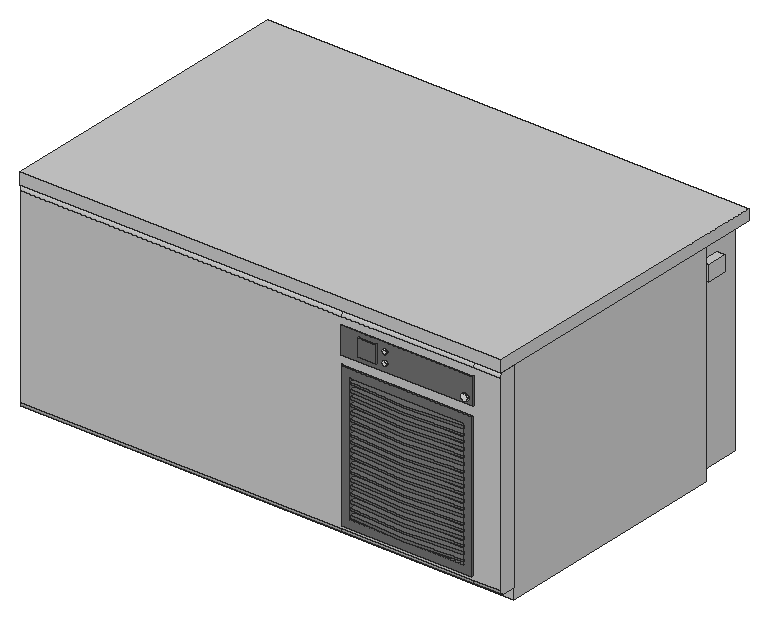
Revit family "QF_HOSHIZAKI_IM-240DWNE", category Specialty Equipment, Revit 2016
Family settings
  Part Type = Normal
  Round Connector Dimension = Use Diameter
  OmniClass Number = 23.40.40.14
  OmniClass Title = Food Service Equipment
  Work Plane-Based = No
  Always vertical = Yes
  Cut with Voids When Loaded = No
  Shared = No
  Room Calculation Point = No
Parameters (values of type "IM-240DWNE_230V/1Ph/50Hz")
  Weight = 88.00 kg
  Waste Remarks [instance] = ""
  Volts = 230 V
  URL Cutsheet = ""
  URL = "www.hoshizaki-europe.com"
  Status [instance] = ""
  Specification by User [instance] = ""
  Specification by Manufacturer [instance] = ""
  Serial Number = ""
  Seismic Rating = ""
  SMACNA No = ""
  Revision Code [instance] = ""
  Phase = 1
  Number of Poles = 2
  NAFEM Spec ID Number = ""
  Model = "IM-240DWNE"
  Min Ckt Ampacity = 0 A
  Max Overcurrent Protection = 0 A
  Masterspec = ""
  Manufacturer = "HOSHIZAKI"
  Length Actual = 1084 mm
  Item Number [instance] = ""
  Installed By [instance] = ""
  Indirect Waste Size = 19.05 mm
  Indirect Waste Connection Type [instance] = ""
  Indirect Waste Connection Height [instance] = 53 mm
  Identify Quantity as Lot [instance] = no
  Height Actual = 500 mm
  HP power = ""
  Furnished By [instance] = ""
  Foodservice Equipment Identifier [instance] = yes
  FL Amps = 20 A
  Electric power = 1330 W
  Electric Connection Type [instance] = ""
  Elec Conn RI Height [instance] = 0 mm
  Elec Conn Connection Height [instance] = 409 mm
  Direct Waste RI Height [instance] = 0 mm
  Description = "MODULAR IM ICE MAKER, 240KG PER 24 HOURS, LARGE CUBE, MODULAR - HORIZONTAL, WATER COOLED"
  Depth Actual = 700 mm
  Cycle = 50 Hz
  Cost = 0
  Conn Plug = ""
  Conn Conduit = no
  Cold Water Temperature Recommended = 0 °C
  Cold Water Size = 19.05 mm
  Cold Water Flow = 0.0 L/s
  Cold Water Connection Height [instance] = 419 mm
  CSI MasterFormat = ""
  Assembly Code = "E1090320"
  Apparent Power = 1330 VA
  Accessory = no
Types (2, lengths in mm): name | Volts | Cycle
  IM-240DWNE_230V/1Ph/50Hz | 230 V | 50 Hz
  IM-240DWNE_240V/1Ph/60Hz | 240 V | 60 Hz
Reference planes
  plane 1 "Center (Front/Back)": y = 0
  plane 2: z = 0
  plane 3 "Center (Left/Right)": x = 0
Forms (mm)
  Extrusion 1, solid, not visible
    sketch origin (-16, -65, 418) x (1, 0, 0) y (0, 1, 0)
      loop
        line (0, 0) -> (2, 0) -> (2, 2) -> (0, 2) -> (0, 0)
    from 0 to 2
  Extrusion 2, solid, not visible
    sketch origin (-16, -213, 52) x (1, 0, 0) y (0, 1, 0)
      loop
        line (0, 0) -> (2, 0) -> (2, 2) -> (0, 2) -> (0, 0)
    from 0 to 2
  Extrusion 3, solid, not visible
    sketch origin (1073, -77, 408) x (1, 0, 0) y (0, 1, 0)
      loop
        line (0, 0) -> (2, 0) -> (2, 2) -> (0, 2) -> (0, 0)
    from 0 to 2
  Extrusion 4, solid, not visible
    sketch origin (-16, -65, 418) x (1, 0, 0) y (0, 1, 0)
      loop
        line (0, 0) -> (2, 0) -> (2, 2) -> (0, 2) -> (0, 0)
    from 0 to 2
  Extrusion 5, solid, not visible
    sketch origin (-16, -213, 52) x (1, 0, 0) y (0, 1, 0)
      loop
        line (0, 0) -> (2, 0) -> (2, 2) -> (0, 2) -> (0, 0)
    from 0 to 2
  Extrusion 6, solid, not visible
    sketch origin (1073, -77, 408) x (1, 0, 0) y (0, 1, 0)
      loop
        line (0, 0) -> (2, 0) -> (2, 2) -> (0, 2) -> (0, 0)
    from 0 to 2
Dimensions and locks
  aligned and locked: level to plane 2
Nested families
  nested 1: "QF_HOSHIZAKI_IM-240DWNE_230V_1Ph_50Hz" at (0, 0, 0), type "IM-240DWNE_230V/1Ph/50Hz"
    with Show Clearance yes
Connectors
  piping at (-15, -63, 419), diameter 19.05, driven by "Cold Water Size", driven by "Cold Water Flow"
    settings: on Extrusion 1, index 1, connector inside diameter 609.6 mm, connector length 0 mm, flow factor 0, pipe flow 0.0 L/s, pressure drop 0.0 Pa, fitting loss kfactor 0, connector angle 0.00°, fixture units 0, engagement length 0 mm, angle of deflection 0.00°, flow configuration 1, flow direction 1, fitting loss method 0, system type 20, joint type 0, gender type 0, connector reference index -1, connector utility 0, adjustable connector no, is connector primary yes, connector description "Cold Water connection for 'IM-240DWNE'"
  piping at (-15, -211, 53), diameter 19.05, driven by "Indirect Waste Size"
    settings: on Extrusion 2, index 2, connector inside diameter 609.6 mm, connector length 0 mm, flow factor 0, pipe flow 0.0 L/s, pressure drop 0.0 Pa, fitting loss kfactor 0, connector angle 0.00°, fixture units 0, engagement length 0 mm, angle of deflection 0.00°, flow configuration 1, flow direction 2, fitting loss method 0, system type 16, joint type 0, gender type 0, connector reference index -1, connector utility 0, adjustable connector no, is connector primary no, connector description "Drain connection for 'IM-240DWNE'"
  electrical at (1074, -75, 409), driven by "Apparent Power", driven by "Number of Poles", driven by "Volts"
    settings: on Extrusion 3, index 3, voltage 230 V, apparent load 0 VA, apparent load phase1 1330 VA, apparent load phase2 0 VA, apparent load phase3 0 VA, power factor 1, load classification "Other", number of poles 2, system type 31, power factor state 1, is connector primary yes, connector utility no, sub classification motor no, connector description "Electric connection for 'IM-240DWNE'"
  piping at (-15, -63, 419), diameter 19.05, driven by "Cold Water Size", driven by "Cold Water Flow"
    settings: on Extrusion 4, index 4, connector inside diameter 609.6 mm, connector length 0 mm, flow factor 0, pipe flow 0.0 L/s, pressure drop 0.0 Pa, fitting loss kfactor 0, connector angle 0.00°, fixture units 0, engagement length 0 mm, angle of deflection 0.00°, flow configuration 1, flow direction 1, fitting loss method 0, system type 20, joint type 0, gender type 0, connector reference index -1, connector utility 0, adjustable connector no, is connector primary no, connector description "Cold Water connection for 'IM-240DWNE'"
  piping at (-15, -211, 53), diameter 19.05, driven by "Indirect Waste Size"
    settings: on Extrusion 5, index 5, connector inside diameter 609.6 mm, connector length 0 mm, flow factor 0, pipe flow 0.0 L/s, pressure drop 0.0 Pa, fitting loss kfactor 0, connector angle 0.00°, fixture units 0, engagement length 0 mm, angle of deflection 0.00°, flow configuration 1, flow direction 2, fitting loss method 0, system type 16, joint type 0, gender type 0, connector reference index -1, connector utility 0, adjustable connector no, is connector primary no, connector description "Drain connection for 'IM-240DWNE'"
  electrical at (1074, -75, 409), driven by "Apparent Power", driven by "Number of Poles", driven by "Volts"
    settings: on Extrusion 6, index 6, voltage 230 V, apparent load 0 VA, apparent load phase1 1330 VA, apparent load phase2 0 VA, apparent load phase3 0 VA, power factor 1, load classification "Other", number of poles 2, system type 31, power factor state 1, is connector primary no, connector utility no, sub classification motor no, connector description "Electric connection for 'IM-240DWNE'"
Definition of nested family "QF_HOSHIZAKI_IM-240DWNE_230V_1Ph_50Hz"
  Parameters (values of type "IM-240DWNE_230V/1Ph/50Hz")
    Width = 1084 mm
    URL = "www.hoshizaki-europe.com"
    Show Clearance [instance] = yes
    Model = "IM-240DWNE"
    Manufacturer = "HOSHIZAKI"
    Height = 500 mm
    Description = "MODULAR IM ICE MAKER, 240KG PER 24 HOURS, LARGE CUBE, MODULAR - HORIZONTAL, WATER COOLED"
    Depth = 700 mm
    Assembly Code = "E1090320"
  Types (31, lengths in mm): name | Width | Model | Height | Description | Depth
    IM-240DNE-HC | 1084 | "IM-240DNE-HC" | 500 | "EMERALD CLASS IM HYDROCARBON ICE MAKER, 210KG PER 24 HOURS, LARGE CUBE, MODULAR - HORIZONTAL" | 700
    IM-240XNE-HC | 1084 | "IM-240XNE-HC" | 500 | "EMERALD CLASS IM HYDROCARBON ICE MAKER, 210KG PER 24 HOURS, LARGE CUBE, MODULAR - EXTENSION" | 700
    IM-240DNE | 1084 | "IM-240DNE" | 500 | "MODULAR IM ICE MAKER, 240KG PER 24 HOURS, LARGE CUBE, MODULAR - HORIZONTAL" | 700
    IM-240DNE-21 | 1084 | "IM-240DNE-21" | 500 | "MODULAR IM ICE MAKER, 240KG PER 24 HOURS, EXTRA SMALL CUBE, MODULAR - HORIZONTAL" | 700
    IM-240DNE-23 | 1084 | "IM-240DNE-23" | 500 | "MODULAR IM ICE MAKER, 240KG PER 24 HOURS, MEDIUM CUBE, MODULAR - HORIZONTAL" | 700
    IM-240DNE-32 | 1084 | "IM-240DNE-32" | 500 | "MODULAR IM ICE MAKER, 240KG PER 24 HOURS, EXTRA LARGE CUBE, MODULAR - HORIZONTAL" | 700
    IM-240DSNE | 1084 | "IM-240DSNE" | 500 | "MODULAR IM ICE MAKER, 240KG PER 24 HOURS, LARGE CUBE, REMOTE CONDENSER" | 700
    IM-240DSNE-23 | 1084 | "IM-240DSNE-23" | 500 | "MODULAR IM ICE MAKER, 240KG PER 24 HOURS, MEDIUM CUBE, REMOTE CONDENSER" | 700
    IM-240DWNE_230V/1Ph/50Hz | 1084 | "IM-240DWNE" | 500 | "MODULAR IM ICE MAKER, 240KG PER 24 HOURS, LARGE CUBE, MODULAR - HORIZONTAL, WATER COOLED" | 700
    IM-240DWNE-21 | 1084 | "IM-240DWNE-21" | 500 | "MODULAR IM ICE MAKER, 240KG PER 24 HOURS, EXTRA SMALL CUBE, MODULAR - HORIZONTAL, WATER COOLED" | 700
    IM-240DWNE-23 | 1084 | "IM-240DWNE-23" | 500 | "MODULAR IM ICE MAKER, 240KG PER 24 HOURS, MEDIUM CUBE, MODULAR - HORIZONTAL, WATER COOLED" | 700
    IM-240DWNE-32 | 1084 | "IM-240DWNE-32" | 500 | "MODULAR IM ICE MAKER, 240KG PER 24 HOURS, EXTRA LARGE CUBE, MODULAR - HORIZONTAL, WATER COOLED" | 700
    IM-240XNE | 1084 | "IM-240XNE" | 500 | "MODULAR IM ICE MAKER, 240KG PER 24 HOURS, LARGE CUBE, MODULAR - EXTENSION" | 700
    IM-240XNE-21 | 1084 | "IM-240XNE-21" | 500 | "MODULAR IM ICE MAKER, 240KG PER 24 HOURS, EXTRA SMALL CUBE, MODULAR - EXTENSION" | 700
    IM-240XNE-23 | 1084 | "IM-240XNE-23" | 500 | "MODULAR IM ICE MAKER, 240KG PER 24 HOURS, MEDIUM CUBE, MODULAR - EXTENSION" | 700
    IM-240XNE-32 | 1084 | "IM-240XNE-32" | 500 | "MODULAR IM ICE MAKER, 240KG PER 24 HOURS, EXTRA LARGE CUBE, MODULAR - EXTENSION" | 700
    IM-240XSNE | 1084 | "IM-240XSNE" | 500 | "MODULAR IM ICE MAKER, 240KG PER 24 HOURS, LARGE CUBE, MODULAR - EXTENSION, REMOTE CONDENSER" | 700
    IM-240XSNE-23 | 1084 | "IM-240XSNE-23" | 500 | "MODULAR IM ICE MAKER, 240KG PER 24 HOURS, MEDIUM CUBE, MODULAR - EXTENSION, REMOTE CONDENSER" | 700
    IM-240XWNE | 1084 | "IM-240XWNE" | 500 | "MODULAR IM ICE MAKER, 240KG PER 24 HOURS, LARGE CUBE, MODULAR - EXTENSION, WATER COOLED" | 700
    IM-240XWNE-21 | 1084 | "IM-240XWNE-21" | 500 | "MODULAR IM ICE MAKER, 240KG PER 24 HOURS, EXTRA SMALL CUBE, MODULAR - EXTENSION, WATER COOLED" | 700
    IM-240XWNE-23 | 1084 | "IM-240XWNE-23" | 500 | "MODULAR IM ICE MAKER, 240KG PER 24 HOURS, MEDIUM CUBE, MODULAR - EXTENSION, WATER COOLED" | 700
    IM-240XWNE-32 | 1084 | "IM-240XWNE-32" | 500 | "MODULAR IM ICE MAKER, 240KG PER 24 HOURS, EXTRA LARGE CUBE, MODULAR - EXTENSION, WATER COOLED" | 700
    IM-240DNE-C | 1084 | "IM-240DNE-C" | 500 | "IM CYLINDER ICE MAKER, 240KG PER 24 HOURS, CYLINDER ICE, MODULAR - HORIZONTAL" | 700
    IM-240DWNE-C | 1084 | "IM-240DWNE-C" | 500 | "IM CYLINDER ICE MAKER, 240KG PER 24 HOURS, CYLINDER ICE, MODULAR - HORIZONTAL, WATER COOLED" | 700
    IM-240XNE-C | 1084 | "IM-240XNE-C" | 500 | "IM CYLINDER ICE MAKER, 240KG PER 24 HOURS, CYLINDER ICE, MODULAR - EXTENSION" | 700
    IM-240XWNE-C | 1084 | "IM-240XWNE-C" | 500 | "IM CYLINDER ICE MAKER, 240KG PER 24 HOURS, CYLINDER ICE, MODULAR - EXTENSION, WATER COOLED" | 700
    IM-240DNE-HC-23 | 1084 | "IM-240DNE-HC-23" | 500 | "EMERALD CLASS IM HYDROCARBON ICE MAKER, 180KG PER 24 HOURS, MEDIUM CUBE, MODULAR - EXTENSION" | 700
    IM-240DNE-HC-32 | 1084 | "IM-240DNE-HC-32" | 500 | "EMERALD CLASS IM HYDROCARBON ICE MAKER, 190KG PER 24 HOURS, EXTRA LARGE CUBE, MODULAR - EXTENSION" | 700
    IM-240XNE-HC-23 | 1082 | "IM-240XNE-HC-23" | 485 | "EMERALD CLASS IM HYDROCARBON ICE MAKER, 180KG PER 24 HOURS, MEDIUM CUBE, MODULAR - EXTENSION" | 697
    IM-240XNE-HC-32 | 1082 | "IM-240XNE-HC-32" | 485 | "EMERALD CLASS IM HYDROCARBON ICE MAKER, 190KG PER 24 HOURS, EXTRA LARGE CUBE, MODULAR - EXTENSION" | 697
    IM-240DNE-HC-21 | 1084 | "IM-240DNE-HC-21" | 500 | "EMERALD CLASS IM HYDROCARBON ICE MAKER, 205KG PER 24 HOURS, EXTRA SMALL CUBE, MODULAR - EXTENSION" | 700
  Reference planes
    plane 1 "Back": y = 0
    plane 2: z = 0
    plane 3 "Left": x = 0
    plane 4 "Right": x = 1084
    plane 5 "Front": y = -700
    plane 6 "Top": z = 500
    plane 7: y = -702
    plane 8: z = 488
  Forms (mm)
    Extrusion 1, solid
      sketch origin (166.25, -249, 193) x (0, 1, 0) y (0, 0, 1)
        loop
          line (-414, -170) -> (-414, 280) -> (-441, 280)
          arc (-441, 280) -> (-448.071, 277.071) -> (-451, 270) r 10
          line (-451, 270) -> (-451, -160)
          arc (-451, -160) -> (-448.071, -167.071) -> (-441, -170) r 10
          line (-441, -170) -> (-414, -170)
      from 559.75 to -166.25
    Extrusion 2, solid
      sketch origin (-20, -211, 53) x (0, 1, 0) y (0, 0, 1)
        loop
          circle (0, 0) r 14
        loop
          circle (0, 0) r 12
      from 0 to 20
    Extrusion 3, solid
      sketch origin (-16, -63, 419) x (0, 1, 0) y (0, 0, 1)
        loop
          circle (0, 0) r 14
        loop
          circle (0, 0) r 12
      from 0 to 16
    Extrusion 4, solid
      sketch origin (1024, -249, 193) x (0, 1, 0) y (0, 0, 1)
        loop
          line (-414, -170) -> (-414, 280) -> (-441, 280)
          arc (-441, 280) -> (-448.071, 277.071) -> (-451, 270) r 10
          line (-451, 270) -> (-451, -160)
          arc (-451, -160) -> (-448.071, -167.071) -> (-441, -170) r 10
          line (-441, -170) -> (-414, -170)
      from 0 to 60
    Extrusion 5, solid
      sketch origin (726, -249, 193) x (0, 1, 0) y (0, 0, 1)
        loop
          line (-414, -170) -> (-414, -153) -> (-451, -153) -> (-451, -160)
          arc (-451, -160) -> (-448.071, -167.071) -> (-441, -170) r 10
          line (-441, -170) -> (-414, -170)
        loop
          line (-451, 270) -> (-451, 174) -> (-414, 174) -> (-414, 280) -> (-441, 280)
          arc (-441, 280) -> (-448.071, 277.071) -> (-451, 270) r 10
      from 0 to 298
    Extrusion 6, solid
      sketch origin (568.75, -852, 28) x (1, 0, 0) y (0, 0, 1)
        loop
          line (159.25, 337) -> (159.25, 14) -> (453.25, 14) -> (453.25, 337) -> (159.25, 337)
        loop
          line (177.25, 319) -> (177.25, 32) -> (435.25, 32) -> (435.25, 319) -> (177.25, 319)
      from -150 to -160
    Extrusion 7, solid
      sketch origin (568.75, -249, 170) x (1, 0, 0) y (0, 1, 0)
        loop
          line (177.25, -443) -> (177.25, -454.474)
          arc (177.25, -454.474) -> (306.295, -461.632) -> (435.25, -453) r 1057.927
          line (435.25, -453) -> (435.25, -443) -> (177.25, -443)
      from 0 to 5
    Extrusion 8, solid
      sketch origin (568.75, -249, 185) x (1, 0, 0) y (0, 1, 0)
        loop
          line (177.25, -443) -> (177.25, -454.474)
          arc (177.25, -454.474) -> (306.295, -461.632) -> (435.25, -453) r 1057.927
          line (435.25, -453) -> (435.25, -443) -> (177.25, -443)
      from 0 to 5
    Extrusion 9, solid
      sketch origin (568.75, -249, 200) x (1, 0, 0) y (0, 1, 0)
        loop
          line (177.25, -443) -> (177.25, -454.474)
          arc (177.25, -454.474) -> (306.295, -461.632) -> (435.25, -453) r 1057.927
          line (435.25, -453) -> (435.25, -443) -> (177.25, -443)
      from 0 to 5
    Extrusion 10, solid
      sketch origin (568.75, -249, 215) x (1, 0, 0) y (0, 1, 0)
        loop
          line (177.25, -443) -> (177.25, -454.474)
          arc (177.25, -454.474) -> (306.295, -461.632) -> (435.25, -453) r 1057.927
          line (435.25, -453) -> (435.25, -443) -> (177.25, -443)
      from 0 to 5
    Extrusion 11, solid
      sketch origin (568.75, -249, 230) x (1, 0, 0) y (0, 1, 0)
        loop
          line (177.25, -443) -> (177.25, -454.474)
          arc (177.25, -454.474) -> (306.295, -461.632) -> (435.25, -453) r 1057.927
          line (435.25, -453) -> (435.25, -443) -> (177.25, -443)
      from 0 to 5
    Extrusion 12, solid
      sketch origin (568.75, -249, 245) x (1, 0, 0) y (0, 1, 0)
        loop
          line (177.25, -443) -> (177.25, -454.474)
          arc (177.25, -454.474) -> (306.295, -461.632) -> (435.25, -453) r 1057.927
          line (435.25, -453) -> (435.25, -443) -> (177.25, -443)
      from 0 to 5
    Extrusion 13, solid
      sketch origin (568.75, -249, 260) x (1, 0, 0) y (0, 1, 0)
        loop
          line (177.25, -443) -> (177.25, -454.474)
          arc (177.25, -454.474) -> (306.295, -461.632) -> (435.25, -453) r 1057.927
          line (435.25, -453) -> (435.25, -443) -> (177.25, -443)
      from 0 to 5
    Extrusion 14, solid
      sketch origin (568.75, -249, 275) x (1, 0, 0) y (0, 1, 0)
        loop
          line (177.25, -443) -> (177.25, -454.474)
          arc (177.25, -454.474) -> (306.295, -461.632) -> (435.25, -453) r 1057.927
          line (435.25, -453) -> (435.25, -443) -> (177.25, -443)
      from 0 to 5
    Extrusion 15, solid
      sketch origin (568.75, -249, 290) x (1, 0, 0) y (0, 1, 0)
        loop
          line (177.25, -443) -> (177.25, -454.474)
          arc (177.25, -454.474) -> (306.295, -461.632) -> (435.25, -453) r 1057.927
          line (435.25, -453) -> (435.25, -443) -> (177.25, -443)
      from 0 to 5
    Extrusion 16, solid
      sketch origin (568.75, -249, 305) x (1, 0, 0) y (0, 1, 0)
        loop
          line (177.25, -443) -> (177.25, -454.474)
          arc (177.25, -454.474) -> (306.295, -461.632) -> (435.25, -453) r 1057.927
          line (435.25, -453) -> (435.25, -443) -> (177.25, -443)
      from 0 to 5
    Extrusion 17, solid
      sketch origin (568.75, -249, 320) x (1, 0, 0) y (0, 1, 0)
        loop
          line (177.25, -443) -> (177.25, -454.474)
          arc (177.25, -454.474) -> (306.295, -461.632) -> (435.25, -453) r 1057.927
          line (435.25, -453) -> (435.25, -443) -> (177.25, -443)
      from 0 to 5
    Extrusion 18, solid
      sketch origin (568.75, -249, 335) x (1, 0, 0) y (0, 1, 0)
        loop
          line (177.25, -443) -> (177.25, -454.474)
          arc (177.25, -454.474) -> (306.295, -461.632) -> (435.25, -453) r 1057.927
          line (435.25, -453) -> (435.25, -443) -> (177.25, -443)
      from 0 to 5
    Extrusion 19, solid
      sketch origin (568.75, -249, 110) x (1, 0, 0) y (0, 1, 0)
        loop
          line (177.25, -443) -> (177.25, -454.474)
          arc (177.25, -454.474) -> (306.295, -461.632) -> (435.25, -453) r 1057.927
          line (435.25, -453) -> (435.25, -443) -> (177.25, -443)
      from 0 to 5
    Extrusion 20, solid
      sketch origin (568.75, -249, 125) x (1, 0, 0) y (0, 1, 0)
        loop
          line (177.25, -443) -> (177.25, -454.474)
          arc (177.25, -454.474) -> (306.295, -461.632) -> (435.25, -453) r 1057.927
          line (435.25, -453) -> (435.25, -443) -> (177.25, -443)
      from 0 to 5
    Extrusion 21, solid
      sketch origin (568.75, -249, 140) x (1, 0, 0) y (0, 1, 0)
        loop
          line (177.25, -443) -> (177.25, -454.474)
          arc (177.25, -454.474) -> (306.295, -461.632) -> (435.25, -453) r 1057.927
          line (435.25, -453) -> (435.25, -443) -> (177.25, -443)
      from 0 to 5
    Extrusion 22, solid
      sketch origin (568.75, -249, 155) x (1, 0, 0) y (0, 1, 0)
        loop
          line (177.25, -443) -> (177.25, -454.474)
          arc (177.25, -454.474) -> (306.295, -461.632) -> (435.25, -453) r 1057.927
          line (435.25, -453) -> (435.25, -443) -> (177.25, -443)
      from 0 to 5
    Extrusion 23, solid
      sketch origin (568.75, -249, 65) x (1, 0, 0) y (0, 1, 0)
        loop
          line (177.25, -443) -> (177.25, -454.474)
          arc (177.25, -454.474) -> (306.295, -461.632) -> (435.25, -453) r 1057.927
          line (435.25, -453) -> (435.25, -443) -> (177.25, -443)
      from 0 to 5
    Extrusion 24, solid
      sketch origin (568.75, -249, 80) x (1, 0, 0) y (0, 1, 0)
        loop
          line (177.25, -443) -> (177.25, -454.474)
          arc (177.25, -454.474) -> (306.295, -461.632) -> (435.25, -453) r 1057.927
          line (435.25, -453) -> (435.25, -443) -> (177.25, -443)
      from 0 to 5
    Extrusion 25, solid
      sketch origin (568.75, -249, 95) x (1, 0, 0) y (0, 1, 0)
        loop
          line (177.25, -443) -> (177.25, -454.474)
          arc (177.25, -454.474) -> (306.295, -461.632) -> (435.25, -453) r 1057.927
          line (435.25, -453) -> (435.25, -443) -> (177.25, -443)
      from 0 to 5
    Extrusion 26, solid
      sketch origin (0, -700, -10) x (1, 0, 0) y (0, 0, 1)
        loop
          line (726, 397) -> (1024, 397) -> (1024, 457) -> (726, 457) -> (726, 397)
      from 0 to 2
    Extrusion 27, solid
      sketch origin (0, -702, 0) x (1, 0, 0) y (0, 0, 1)
        loop
          line (766.139, 436.277) -> (766.139, 396.277) -> (806.139, 396.277) -> (806.139, 436.277) -> (766.139, 436.277)
      from 0 to 2
    Extrusion 28, solid
      sketch origin (0, -702, 0) x (1, 0, 0) y (0, 0, 1)
        loop
          circle (825.63, 428.086) r 5
        loop
          circle (825.63, 404.468) r 5
      from 0 to 2
    Extrusion 29, solid
      sketch origin (0, -702, 0) x (1, 0, 0) y (0, 0, 1)
        loop
          circle (1006.481, 399.95) r 7.5
      from 3 to 0
    Extrusion 30, solid
      sketch origin (0, 0, 0) x (1, 0, 0) y (0, 1, 0)
        loop
          line (0, 0) -> (0, -663) -> (1084, -663) -> (1084, -120) -> (1054, -120) -> (1054, 0) -> (0, 0)
      from 0 to 475
    Extrusion 31, solid
      sketch origin (0, 0, 0) x (1, 0, 0) y (0, 1, 0)
        loop
          line (0, 0) -> (0, -700) -> (1084, -700) -> (1084, 0) -> (0, 0)
      from 500 to 475
    Extrusion 32, solid
      sketch origin (1254, 1.923, 57.766) x (0, 1, 0) y (0, 0, 1)
        loop
          line (-101.026, 368.734) -> (-101.026, 333.734) -> (-54.923, 333.734) -> (-54.923, 368.734) -> (-101.026, 368.734)
      from -180 to -200
  Cuts and joins
    joined: Extrusion 1, Extrusion 4, Extrusion 5
  Lines and regions (mm)
    symbolic lines
      curve 1: line (0, 0, 0) -> (1084, 0, 0)
      curve 2: line (0, -700, 0) -> (0, 0, 0)
      curve 3: line (1084, -700, 0) -> (0, -700, 0)
      curve 4: line (1084, 0, 0) -> (1084, -700, 0)
      curve 5: line (-16, -49, 0) -> (0, -49, 0)
      curve 6: line (-16, -49, 0) -> (-16, -77, 0)
      curve 7: line (-16, -77, 0) -> (0, -77, 0)
      curve 8: line (-20, -197, 0) -> (0, -197, 0)
      curve 9: line (-20, -197, 0) -> (-20, -225, 0)
      curve 10: line (-20, -225, 0) -> (0, -225, 0)
  Dimensions and locks
    plane 5 "Front" to Extrusion 30 = 700 mm
    locked: Extrusion 30 sketch curve to curve 4 at 30
    locked: Extrusion 30 to Extrusion 32 at 20
    "Width": plane 4 "Right" to plane 3 "Left"
    locked: Extrusion 28 to Extrusion 27 at 2
    locked: plane 5 "Front" to Extrusion 26 at 2
    Extrusion 29 to Extrusion 28 = 0 mm
    locked: plane 5 "Front" to Extrusion 6 at 8
    locked: plane 7 to plane 5 "Front" at 2
    "Depth": plane 5 "Front" to plane 1 "Back"
    locked: plane 5 "Front" to Extrusion 29 at 5
    locked: Extrusion 31 to plane 6 "Top" at 25
    cut or joined group of Extrusion 1, Extrusion 4, Extrusion 5 to plane 8 to plane 6 "Top" = 15 mm, 12 mm
    "Height": plane 6 "Top" to level
    aligned and locked: level to plane 2
    aligned and locked: Extrusion 31 to plane 4 "Right"
    aligned and locked: Extrusion 32 to Extrusion 30
    aligned and locked: Extrusion 4 to plane 4 "Right"
    aligned and locked: Extrusion 4 to Extrusion 5  (x2)
    aligned and locked: plane 4 "Right" to curve 4
    aligned and locked: Extrusion 31 to plane 5 "Front"
    aligned and locked: Extrusion 1 sketch curve to plane 5 "Front"
    aligned and locked: Extrusion 27 to Extrusion 26
    aligned and locked: plane 5 "Front" to Extrusion 26
    aligned and locked: Extrusion 28 to Extrusion 26
    aligned and locked: plane 7 to Extrusion 6
    aligned and locked: Extrusion 29 to Extrusion 26
    aligned and locked: plane 6 "Top" to Extrusion 31
    aligned and locked: Extrusion 30 to Extrusion 31
  Automatic sketch dimensions
    Extrusion 2 sketch curve to Extrusion 2 sketch curve = 0 mm  (x2)
    level to Extrusion 2 sketch curve = 53 mm
    plane 1 "Back" to Extrusion 2 sketch curve = 211 mm
    Extrusion 3 sketch curve to Extrusion 3 sketch curve = 0 mm  (x2)
    plane 1 "Back" to Extrusion 3 sketch curve = 63 mm
    Extrusion 3 sketch curve to plane 6 "Top" = 81 mm
    Extrusion 4 sketch curve to plane 5 "Front" = 0 mm
    Extrusion 4 sketch curve to Extrusion 4 sketch curve = 10 mm
    plane 5 "Front" to Extrusion 4 sketch curve = 10 mm
    Extrusion 4 sketch curve to Extrusion 4 sketch curve = 27 mm
    level to Extrusion 4 sketch curve = 23 mm
    Extrusion 4 sketch curve to plane 6 "Top" = 37 mm
    Extrusion 5 sketch curve to plane 5 "Front" = 0 mm  (x2)
    plane 5 "Front" to Extrusion 5 sketch curve = 10 mm  (x2)
    Extrusion 5 sketch curve to Extrusion 5 sketch curve = 27 mm  (x2)
    level to Extrusion 5 sketch curve = 23 mm
    Extrusion 5 sketch curve to Extrusion 5 sketch curve = 7 mm
    Extrusion 5 sketch curve to plane 6 "Top" = 133 mm
    Extrusion 5 sketch curve to plane 6 "Top" = 37 mm
    level to Extrusion 6 sketch curve = 42 mm
    plane 4 "Right" to Extrusion 6 sketch curve = 356 mm
    Extrusion 6 sketch curve to Extrusion 6 sketch curve = 18 mm  (x4)
    plane 4 "Right" to Extrusion 6 sketch curve = 80 mm
    Extrusion 6 sketch curve to plane 6 "Top" = 153 mm
    plane 5 "Front" to Extrusion 7 sketch curve = 8 mm
    plane 4 "Right" to Extrusion 7 sketch curve = 338 mm
    plane 4 "Right" to Extrusion 7 sketch curve = 215 mm
    plane 4 "Right" to Extrusion 7 sketch curve = 80 mm
    Extrusion 7 sketch curve to plane 5 "Front" = 2 mm
    Extrusion 7 sketch curve to Extrusion 7 sketch curve = 11.474 mm
    plane 5 "Front" to Extrusion 8 sketch curve = 8 mm
    plane 4 "Right" to Extrusion 8 sketch curve = 338 mm
    plane 4 "Right" to Extrusion 8 sketch curve = 215 mm
    plane 4 "Right" to Extrusion 8 sketch curve = 80 mm
    Extrusion 8 sketch curve to plane 5 "Front" = 2 mm
    Extrusion 8 sketch curve to Extrusion 8 sketch curve = 11.474 mm
    plane 5 "Front" to Extrusion 9 sketch curve = 8 mm
    plane 4 "Right" to Extrusion 9 sketch curve = 338 mm
    plane 4 "Right" to Extrusion 9 sketch curve = 215 mm
    plane 4 "Right" to Extrusion 9 sketch curve = 80 mm
    Extrusion 9 sketch curve to plane 5 "Front" = 2 mm
    Extrusion 9 sketch curve to Extrusion 9 sketch curve = 11.474 mm
    plane 5 "Front" to Extrusion 10 sketch curve = 8 mm
    plane 4 "Right" to Extrusion 10 sketch curve = 338 mm
    plane 4 "Right" to Extrusion 10 sketch curve = 215 mm
    plane 4 "Right" to Extrusion 10 sketch curve = 80 mm
    Extrusion 10 sketch curve to plane 5 "Front" = 2 mm
    Extrusion 10 sketch curve to Extrusion 10 sketch curve = 11.474 mm
    plane 5 "Front" to Extrusion 11 sketch curve = 8 mm
    plane 4 "Right" to Extrusion 11 sketch curve = 338 mm
    plane 4 "Right" to Extrusion 11 sketch curve = 215 mm
    plane 4 "Right" to Extrusion 11 sketch curve = 80 mm
    Extrusion 11 sketch curve to plane 5 "Front" = 2 mm
    Extrusion 11 sketch curve to Extrusion 11 sketch curve = 11.474 mm
    plane 5 "Front" to Extrusion 12 sketch curve = 8 mm
    plane 4 "Right" to Extrusion 12 sketch curve = 338 mm
    plane 4 "Right" to Extrusion 12 sketch curve = 215 mm
    plane 4 "Right" to Extrusion 12 sketch curve = 80 mm
    Extrusion 12 sketch curve to plane 5 "Front" = 2 mm
    Extrusion 12 sketch curve to Extrusion 12 sketch curve = 11.474 mm
    plane 5 "Front" to Extrusion 13 sketch curve = 8 mm
    plane 4 "Right" to Extrusion 13 sketch curve = 338 mm
    plane 4 "Right" to Extrusion 13 sketch curve = 215 mm
    plane 4 "Right" to Extrusion 13 sketch curve = 80 mm
    Extrusion 13 sketch curve to plane 5 "Front" = 2 mm
    Extrusion 13 sketch curve to Extrusion 13 sketch curve = 11.474 mm
    plane 5 "Front" to Extrusion 14 sketch curve = 8 mm
    plane 4 "Right" to Extrusion 14 sketch curve = 338 mm
    plane 4 "Right" to Extrusion 14 sketch curve = 215 mm
    plane 4 "Right" to Extrusion 14 sketch curve = 80 mm
    Extrusion 14 sketch curve to plane 5 "Front" = 2 mm
    Extrusion 14 sketch curve to Extrusion 14 sketch curve = 11.474 mm
    plane 5 "Front" to Extrusion 15 sketch curve = 8 mm
    plane 4 "Right" to Extrusion 15 sketch curve = 338 mm
    plane 4 "Right" to Extrusion 15 sketch curve = 215 mm
    plane 4 "Right" to Extrusion 15 sketch curve = 80 mm
    Extrusion 15 sketch curve to plane 5 "Front" = 2 mm
    Extrusion 15 sketch curve to Extrusion 15 sketch curve = 11.474 mm
    plane 5 "Front" to Extrusion 16 sketch curve = 8 mm
    plane 4 "Right" to Extrusion 16 sketch curve = 338 mm
    plane 4 "Right" to Extrusion 16 sketch curve = 215 mm
    plane 4 "Right" to Extrusion 16 sketch curve = 80 mm
    Extrusion 16 sketch curve to plane 5 "Front" = 2 mm
    Extrusion 16 sketch curve to Extrusion 16 sketch curve = 11.474 mm
    plane 5 "Front" to Extrusion 17 sketch curve = 8 mm
    plane 4 "Right" to Extrusion 17 sketch curve = 338 mm
    plane 4 "Right" to Extrusion 17 sketch curve = 215 mm
    plane 4 "Right" to Extrusion 17 sketch curve = 80 mm
    Extrusion 17 sketch curve to plane 5 "Front" = 2 mm
    Extrusion 17 sketch curve to Extrusion 17 sketch curve = 11.474 mm
    plane 5 "Front" to Extrusion 18 sketch curve = 8 mm
    plane 4 "Right" to Extrusion 18 sketch curve = 338 mm
    plane 4 "Right" to Extrusion 18 sketch curve = 215 mm
    plane 4 "Right" to Extrusion 18 sketch curve = 80 mm
    Extrusion 18 sketch curve to plane 5 "Front" = 2 mm
    Extrusion 18 sketch curve to Extrusion 18 sketch curve = 11.474 mm
    plane 5 "Front" to Extrusion 19 sketch curve = 8 mm
    plane 4 "Right" to Extrusion 19 sketch curve = 338 mm
    plane 4 "Right" to Extrusion 19 sketch curve = 215 mm
    plane 4 "Right" to Extrusion 19 sketch curve = 80 mm
    Extrusion 19 sketch curve to plane 5 "Front" = 2 mm
    Extrusion 19 sketch curve to Extrusion 19 sketch curve = 11.474 mm
    plane 5 "Front" to Extrusion 20 sketch curve = 8 mm
    plane 4 "Right" to Extrusion 20 sketch curve = 338 mm
    plane 4 "Right" to Extrusion 20 sketch curve = 215 mm
    plane 4 "Right" to Extrusion 20 sketch curve = 80 mm
    Extrusion 20 sketch curve to plane 5 "Front" = 2 mm
    Extrusion 20 sketch curve to Extrusion 20 sketch curve = 11.474 mm
    plane 5 "Front" to Extrusion 21 sketch curve = 8 mm
    plane 4 "Right" to Extrusion 21 sketch curve = 338 mm
    plane 4 "Right" to Extrusion 21 sketch curve = 215 mm
    plane 4 "Right" to Extrusion 21 sketch curve = 80 mm
    Extrusion 21 sketch curve to plane 5 "Front" = 2 mm
    Extrusion 21 sketch curve to Extrusion 21 sketch curve = 11.474 mm
    plane 5 "Front" to Extrusion 22 sketch curve = 8 mm
    plane 4 "Right" to Extrusion 22 sketch curve = 338 mm
    plane 4 "Right" to Extrusion 22 sketch curve = 215 mm
    plane 4 "Right" to Extrusion 22 sketch curve = 80 mm
    Extrusion 22 sketch curve to plane 5 "Front" = 2 mm
    Extrusion 22 sketch curve to Extrusion 22 sketch curve = 11.474 mm
    plane 5 "Front" to Extrusion 23 sketch curve = 8 mm
    plane 4 "Right" to Extrusion 23 sketch curve = 338 mm
    plane 4 "Right" to Extrusion 23 sketch curve = 215 mm
    plane 4 "Right" to Extrusion 23 sketch curve = 80 mm
    Extrusion 23 sketch curve to plane 5 "Front" = 2 mm
    Extrusion 23 sketch curve to Extrusion 23 sketch curve = 11.474 mm
    plane 5 "Front" to Extrusion 24 sketch curve = 8 mm
    plane 4 "Right" to Extrusion 24 sketch curve = 338 mm
    plane 4 "Right" to Extrusion 24 sketch curve = 215 mm
    plane 4 "Right" to Extrusion 24 sketch curve = 80 mm
    Extrusion 24 sketch curve to plane 5 "Front" = 2 mm
    Extrusion 24 sketch curve to Extrusion 24 sketch curve = 11.474 mm
    plane 5 "Front" to Extrusion 25 sketch curve = 8 mm
    plane 4 "Right" to Extrusion 25 sketch curve = 338 mm
    plane 4 "Right" to Extrusion 25 sketch curve = 215 mm
    plane 4 "Right" to Extrusion 25 sketch curve = 80 mm
    Extrusion 25 sketch curve to plane 5 "Front" = 2 mm
    Extrusion 25 sketch curve to Extrusion 25 sketch curve = 11.474 mm
    Extrusion 26 sketch curve to plane 6 "Top" = 53 mm
    plane 4 "Right" to Extrusion 26 sketch curve = 358 mm
    plane 4 "Right" to Extrusion 26 sketch curve = 60 mm
    Extrusion 26 sketch curve to Extrusion 26 sketch curve = 60 mm
    Extrusion 27 sketch curve to plane 6 "Top" = 103.723 mm
    plane 4 "Right" to Extrusion 27 sketch curve = 317.861 mm
    Extrusion 27 sketch curve to Extrusion 27 sketch curve = 40 mm  (x2)
    Extrusion 28 sketch curve to plane 6 "Top" = 95.532 mm
    plane 4 "Right" to Extrusion 28 sketch curve = 258.37 mm
    Extrusion 28 sketch curve to Extrusion 28 sketch curve = 0 mm
    Extrusion 28 sketch curve to Extrusion 28 sketch curve = 23.618 mm
    plane 4 "Right" to Extrusion 29 sketch curve = 77.519 mm
    Extrusion 29 sketch curve to plane 6 "Top" = 100.05 mm
    Extrusion 30 sketch curve to plane 3 "Left" = 0 mm
    Extrusion 30 sketch curve to plane 4 "Right" = 0 mm
    plane 1 "Back" to Extrusion 30 sketch curve = 0 mm
    plane 1 "Back" to Extrusion 30 sketch curve = 120 mm
    plane 5 "Front" to Extrusion 30 sketch curve = 37 mm
    Extrusion 31 sketch curve to plane 3 "Left" = 0 mm
    Extrusion 31 sketch curve to plane 4 "Right" = 0 mm
    Extrusion 31 sketch curve to plane 5 "Front" = 0 mm
    plane 1 "Back" to Extrusion 31 sketch curve = 0 mm
    plane 1 "Back" to Extrusion 32 sketch curve = 99.103 mm
    Extrusion 32 sketch curve to Extrusion 32 sketch curve = 46.103 mm
    Extrusion 32 sketch curve to plane 6 "Top" = 108.5 mm
    Extrusion 32 sketch curve to Extrusion 32 sketch curve = 35 mm
    curve 5 to plane 3 "Left" = 0 mm
    curve 3 to plane 5 "Front" = 0 mm
    plane 1 "Back" to curve 2 = 0 mm
    curve 6 to plane 3 "Left" = 16 mm
    curve 8 to plane 3 "Left" = 20 mm
    plane 1 "Back" to curve 9 = 225 mm
    curve 9 to curve 9 = 28 mm
    plane 1 "Back" to curve 6 = 77 mm
    curve 6 to curve 5 = 28 mm
    plane 5 "Front" to Extrusion 1 sketch curve = 10 mm  (x2)
    Extrusion 1 sketch curve to Extrusion 1 sketch curve = 27 mm
    level to Extrusion 1 sketch curve = 23 mm
    Extrusion 1 sketch curve to plane 6 "Top" = 37 mm
    radius of Extrusion 2 sketch curve = 14 mm
    radius of Extrusion 2 sketch curve = 12 mm
    radius of Extrusion 3 sketch curve = 14 mm
    radius of Extrusion 3 sketch curve = 12 mm
    radius of Extrusion 28 sketch curve = 5 mm  (x2)
    radius of Extrusion 29 sketch curve = 7.5 mm
  Connectors
    piping at (-20, -211, 53), diameter 19.05
      settings: on Extrusion 2, index 1, connector inside diameter 609.6 mm, connector length 0 mm, flow factor 0, pipe flow 0.0 L/s, pressure drop 0.0 Pa, fitting loss kfactor 0, connector angle 0.00°, fixture units 0, engagement length 0 mm, angle of deflection 0.00°, flow configuration 1, flow direction 2, fitting loss method 0, system type 16, joint type 0, gender type 0, connector reference index -1, connector utility 0, adjustable connector no, is connector primary yes, connector description "Indirect Waste Connection"
    piping at (-16, -63, 419), diameter 19.05
      settings: on Extrusion 3, index 3, connector inside diameter 609.6 mm, connector length 0 mm, flow factor 0, pipe flow 0.0 L/s, pressure drop 0.0 Pa, fitting loss kfactor 0, connector angle 0.00°, fixture units 0, engagement length 0 mm, angle of deflection 0.00°, flow configuration 1, flow direction 1, fitting loss method 0, system type 20, joint type 0, gender type 0, connector reference index -1, connector utility 0, adjustable connector no, is connector primary no, connector description "Cold Water Connection"
    electrical at (1064, -53, 409)
      settings: on Extrusion 32, index 4, voltage 230 V, apparent load 0 VA, apparent load phase1 930 VA, apparent load phase2 0 VA, apparent load phase3 0 VA, power factor 1, load classification none, number of poles 1, system type 31, power factor state 1, is connector primary yes, connector utility no, sub classification motor no, connector description "Electrical Connection"
